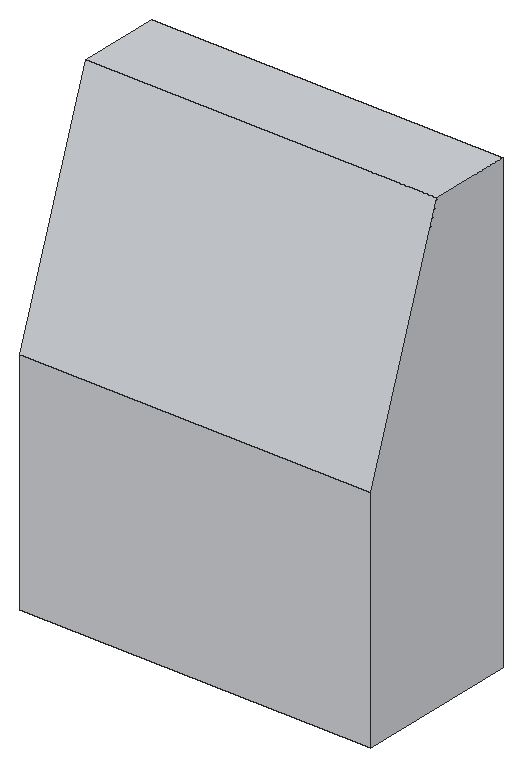
Revit family "01481-W", category Instalační zařizovací předměty, Revit 2016
Family settings
  Typ součásti = Normální
  Kóta kulaté spojky = Použít průměr
  Číslo OmniClass = 23.45.05.00
  Nadpis OmniClass = Sanitary Equipment
  Založené na pracovní rovině = Ne
  Vždy vertikální = Ano
  Ořezat dutým tvarem při načtení = Ne
  Sdílené = Ne
  Bod výpočtu místnosti = Ne
Parameters
  Warranty = "2"
  WIDTH = 218 mm
  WEIGHT = 3.90 kg
  Výrobce = "Nofer"
  Utility frequency = 0
  Surface finish = "White"
  Připojení ventilace = no
  Připojení odpadu = no
  Připojení HW = no
  Připojení CW = no
  Power supply = 0 V
  Power input = 0 W
  Noise level = 60
  MATERIAL = none
  IP code = "IPX1"
  HEIGHT = 284 mm
  Electric class = "II"
  DEPTH = 102 mm
  Article number = "01481.W"
  Air temperature [°C] = 60 °C
  Air speed = 65.00 kg/m²
Reference planes
  plane 1 "Střed (vpředu/vzadu)": y = 0
  plane 2: z = 0
  plane 3 "Střed (vlevo/vpravo)": x = 0
  plane 4: z = 0
  plane 5: z = 284
  plane 6: y = -102
  plane 7: x = 109
  plane 8: x = -109
  plane 9: z = 142
  plane 10: y = -51
Forms (mm)
  Extrusion 1, solid, material <- "MATERIAL", detail levels medium+fine
    sketch origin (0, 0, 0) x (0, 1, 0) y (0, 0, 1)
      loop
        line (0, 284) -> (-51, 284) -> (-102, 142) -> (-102, 0) -> (0, 0) -> (0, 284)
    from -109 to 109
  Extrusion 2, solid, material <- "MATERIAL", detail levels coarse
    sketch origin (0, 0, 0) x (0, 1, 0) y (0, 0, 1)
      loop
        line (0, 284) -> (-102, 284) -> (-102, 0) -> (0, 0) -> (0, 284)
    from -109 to 109
Dimensions and locks
  equal spacing: plane 8, plane 3 "Střed (vlevo/vpravo)", plane 7
  "WIDTH": plane 8 to plane 7
  "DEPTH": plane 6 to plane 1 "Střed (vpředu/vzadu)"
  equal spacing: plane 5, plane 9, plane 4
  equal spacing: plane 1 "Střed (vpředu/vzadu)", plane 10, plane 6
  "DEPTH": plane 1 "Střed (vpředu/vzadu)" to plane 6
  "HEIGHT": plane 5 to level
  aligned and locked: level to plane 2
  aligned and locked: plane 5 to Extrusion 1 sketch curve
  aligned and locked: Extrusion 1 sketch curve to plane 1 "Střed (vpředu/vzadu)"
  aligned and locked: Extrusion 1 sketch curve to plane 4
  aligned and locked: Extrusion 1 sketch curve to plane 6
  aligned and locked: plane 10 to Extrusion 1 sketch curve
  aligned and locked: plane 9 to Extrusion 1 sketch curve
  aligned and locked: Extrusion 1 to plane 8
  aligned and locked: plane 7 to Extrusion 1
  aligned and locked: Extrusion 2 to plane 8
  aligned and locked: plane 7 to Extrusion 2
  aligned and locked: Extrusion 2 to level
Automatic sketch dimensions
  Extrusion 2 sketch curve to plane 5 = 0 mm
  Extrusion 2 sketch curve to plane 6 = 0 mm
  Extrusion 2 sketch curve to plane 1 "Střed (vpředu/vzadu)" = 0 mm
  level to Extrusion 2 sketch curve = 0 mm
